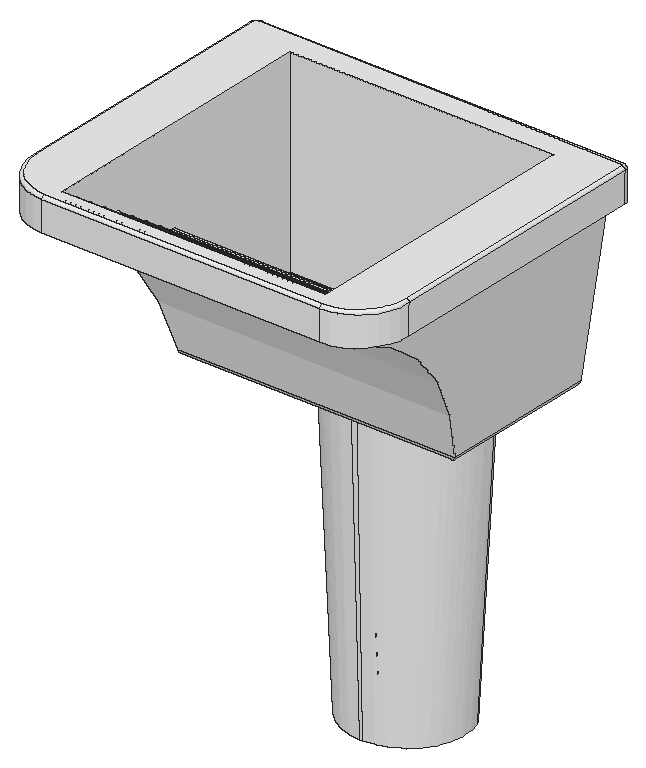
Revit family "Celite_Tanque Builders_51264", category Plumbing Fixtures, Revit 2014
Parameters (values of type "Branco - 51264")
  Ângulo [instance] = if(Saida de esgoto na parede, 90.00°, 0.00°)  # 90.00°
  WFU = 2
  Type Comments = ""
  Saida de esgoto na parede [instance] = yes
  Raio Ponto de Esgoto = 20 mm
  Place on face [instance] = 1 = 0  # no
  Outros Complementos [instance] = "Sifão para tanque 1.1⁄4”x 1.1⁄2” e tubo de 200 mm (B5005C5CRB) + Válvula de escoamento para lavatório, 1\" sem ladrão com tampa plástica (B5828C5CR3), linha Complementos - Metais Celite"
  Louças [instance] = Celite - Louça_Branca
  Desnível Aux. Ponto de Esgoto [instance] = 50.000 mm
  HWFU = 0
  Diâmetro Ponto de Esgoto = Raio Ponto de Esgoto * 2  # 40 mm
  Distância Parede [instance] = 0.000 mm
  Tipo de Sifão [instance] = Celite_Complementos_Sifão de Uso Geral : Sifão para lavatório - B5816C5CRB
  Complemento Celite [instance] = yes
  URL = "http://www.celite.com.br"
  Selo de Qualidade ofcdesk = "Standard"  # constant formula
  Model = Celite: Código  # "51264"
  Metais [instance] = Celite - Cromado
  Manufacturer = Celite: Fabricante  # "Celite"
  Elevação somente no plano [instance] = 505.000 mm
  Description = Celite: Descrição  # "Tanque G Builders cor branca (51264), com coluna, linha Tanques - Louças Celite"
  Default Elevation = 0.000 mm
  Desenvolvido por = "ofcdesk"  # constant formula
  Com Válvula (quantificável) [instance] = yes
  Com Sifão (quantificável) [instance] = Saida de esgoto na parede  # yes
  Celite: Versão = "Autodesk Revit MEP 2014"  # constant formula
  Celite: Vazão de Esgoto [instance] = 0.0 L/s
  Celite: Tipo = "Tanques"  # constant formula
  Celite: Produto = "Louças"  # constant formula
  Celite: Norma = "ABNT NBR 15097-1: 2011 - Requisitos e métodos de ensaio"
  Celite: Link do Produto = "http://www.celite.com.br/pt/produtos/categoria/1/tipo/2/"
  Celite: Linha = "Tanques"  # constant formula
  Celite: Informações Técnicas [instance] = "N/A"
  Celite: Informações Gerais [instance] = "N/A"
  Celite: Fabricante = "Celite"  # constant formula
  Celite: Desenho Técnico = "http://www.celite.com.br/media/uploads/desenhos_tecnicos/51262_-_TANQUE_GG_47_L_-_CATALOGO.pdf"
  Celite: Descrição = "Tanque G Builders cor branca (51264), com coluna, linha Tanques - Louças Celite"
  Celite: Código = "51264"
  Celite: Cores Disponíveis = "Branco"
  Celite: Copyright © = "© 2014 Celite"  # constant formula
  Celite: Complementos [instance] = if(Complemento Celite, Outros Complementos, "N/A")  # "Sifão para tanque 1.1⁄4”x 1.1⁄2” e tubo de 200 mm (B5005C5CRB) + Válvula de escoamento para lavatório, 1\" sem ladrão com tampa plástica (B5828C5CR3), linha Complementos - Metais Celite"
  Celite: Categoria = "Tanques"  # constant formula
  Celite: Altura da Peça [instance] = Elevação somente no plano  # 505.000 mm
  Celite: Altura Ponto de Esgoto [instance] = Altura Ponto de Esgoto  # 450.000 mm
  CWFU = 0
  Assembly Code = "D2010400"
  Desnível Ponto de Esgoto [instance] = if(not(Place on face), Elevação somente no plano - Altura Ponto de Esgoto, Desnível Aux. Ponto de Esgoto)  # 55.000 mm
  Altura Ponto de Esgoto [instance] = 450.000 mm
  Ajuste do Conector [instance] = if(Ângulo = 0.00°, Celite: Altura Ponto de Esgoto, Distância Parede + Distância Parede + 90.000 mm)  # 90.000 mm
Types (3, lengths in mm): name | Louças | Description | Celite: Descrição | Celite: Cores Disponíveis
  (no name) | Celite - Louça_Branca | "Tanque G Builders cor branca (51264), com coluna, linha Tanques - Louças Celite" | "Tanque G Builders cor branca (51264), com coluna, linha Tanques - Louças Celite" | "Branco"
  Branco - 51264 | Celite - Louça_Branca | "Tanque G Builders cor branca (51264), com coluna, linha Tanques - Louças Celite" | "Tanque G Builders cor branca (51264), com coluna, linha Tanques - Louças Celite" | "Branco"
  Pergamon - 51264 | Celite - Louça_Pergamon | "Tanque G Builders cor pergamon (51264), com coluna, linha Tanques - Louças Celite" | "Tanque G Builders cor pergamon (51264), com coluna, linha Tanques - Louças Celite" | "Pergamon"
Reference planes
  plane 1 "Center (Front/Back)": y = 0
  plane 2: z = 0
  plane 3 "Center (Left/Right)": x = 0
  plane 4: z = 505
  plane 5: y = 0
  plane 6: z = 440
  plane 7: y = -104
  plane 8: y = 0
  plane 9: z = 462.424
  plane 10: z = 454.131
  plane 11: z = 524.631
  plane 12: y = -489
  plane 13: y = -30
Forms (mm)
  Sweep 1, void
    path in 3D
      loop
        line (0, -104, 440) -> (0, -14, 440)
    profile origin (0, -59, 440) x (0, 0, 1) y (1, 0, 0)
      loop
        circle (0, 0) r 20
Lines and regions (mm)
  model lines, not visible
    curve 1: line (0, -104, 440) -> (0, -14, 440)
  sketch lines
    curve 2: line (0, -104, 440) -> (0, -14, 440)
Dimensions and locks
  "Elevação somente no plano": plane 4 to plane 2
  "Distância Parede": plane 1 "Center (Front/Back)" to plane 5
  plane 4 to plane 6 = 65.000 mm
  plane 11 to plane 4 to plane 9 to plane 10 = 19.631 mm locked, 42.576 mm locked, 8.293 mm locked
  "Ajuste do Conector": curve 1 to curve 1
  plane 8 to plane 13 to plane 7 to plane 12 = 30.000 mm locked, 74.000 mm locked, 385.000 mm locked
  "Distância Parede": plane 5 to plane 8
  "Ângulo": angle curve 1 to plane 7
  aligned and locked: level to plane 2
  aligned and locked: nested 2 to plane 7
  aligned and locked: plane 1 "Center (Front/Back)" to nested 2
  aligned and locked: plane 6 to nested 2
  aligned and locked: plane 9 to nested 2
  aligned and locked: plane 6 to curve 1
  aligned and locked: plane 7 to curve 1
  aligned and locked: plane 7 to nested 1
  aligned and locked: plane 4 to nested 4
  aligned and locked: nested 4 to plane 13
  aligned and locked: nested 3 to plane 8
Automatic sketch dimensions
  profile plane to Sweep 1 sketch curve = 0.000 mm
  Sweep 1 sketch curve to profile plane = 0.000 mm
  radius of Sweep 1 sketch curve = 20.000 mm
Nested families
  nested 1: "Celite_Complementos_Válvula de Escoamento" at (0, -104, 524.631), Metais <- "Metais", visible <- "Com Válvula (quantificável)", type "Válvula de escoamento para lavatório - B5828C5CR3"
    with Raio2 30.000 mm, Raio1 16.000 mm, Raio furo 15.000 mm, Metais Celite - Cromado, L/Rosca 58.419 mm, Comprimento 70.500 mm, Celite: Norma "ABNT NBR 15423:2006 - Requisitos e métodos de ensaio"
  nested 2: "Celite_Complementos_Sifão de Uso Geral" at (0, 0, 440), visible <- "Com Sifão (quantificável)", Metais <- "Metais", Celite: Vazão de Projeto <- "Celite: Vazão de Esgoto", type "Sifão para tanque - B5005C5CRB"
    with Raio1 16.000 mm, Metais Celite - Cromado, Elevação 0.000 mm, Celite: Vazão de Projeto 0.0 L/s, Celite: Informações Técnicas "N/A", Celite: Informações Gerais "N/A", Celite: Altura da Peça 0.000 mm, Ajuste Vetical no Lavatório 22.424 mm, Afastamento da Parede 104.000 mm
  nested 3: "51264" at (0, 0, 505) x (0, -1, 0) z (0, 0, 1), Louça <- "Louças", type "51264"
    with Louça Celite - Louça_Branca
  nested 4: "Celite_Coluna para Tanque_51203" at (0, -30, 0), Louças <- "Louças", type "Branco - 51203"
    with Louças Celite - Louça_Branca, Celite: Informações Técnicas "N/A", Celite: Informações Gerais "N/A", Celite: Complementos "N/A", Altura 505.000 mm
Connectors
  piping at (0, -14, 440), diameter 40, driven by "Raio Ponto de Esgoto", driven by "Celite: Vazão de Esgoto", driven by "WFU"
    settings: on Sweep 1, index 1, connector inside diameter 609.6 mm, connector length 0.000 mm, flow factor 0, pipe flow 0.0 L/s, pressure drop 0.0 kPa, fitting loss kfactor 0, connector angle 0.00°, fixture units 2, engagement length 0.000 mm, angle of deflection 0.00°, flow configuration 3, flow direction 2, fitting loss method 0, system type 16, joint type 0, gender type 0, connector reference index -1, connector utility 0, adjustable connector no, is connector primary yes, connector description ""
Definition of nested family "Celite_Complementos_Válvula de Escoamento"
  Parameters (values of type "Válvula de escoamento para lavatório - B5828C5CR3")
    Waste Connection = 1 = 0  # no
    WFU = 0  # constant formula
    Vent Connection = 1 = 0  # no
    URL = "http://www.celite.com.br"
    Selo de Qualidade ofcdesk = "Standard"  # constant formula
    Raio1 [instance] = 16.000 mm
    Raio2 [instance] = 30.000 mm
    Raio furo [instance] = 15.000 mm
    Model = Celite: Código  # "B5828C5CR3"
    Metais [instance] = Celite - Cromado
    Manufacturer = Celite: Fabricante  # "Celite"
    L/Rosca [instance] = 59.500 mm
    HWFU = 0  # constant formula
    HW Connection = 1 = 0  # no
    Desenvolvido por = "ofcdesk"  # constant formula
    Description = Celite: Descrição  # "Válvula de escoamento para lavatório, 1\" sem ladrão com tampa plástica (B5828C5CR3), Complementos - Metais Celite"
    Default Elevation = 0.000 mm
    Comprimento [instance] = 70.500 mm
    Celite: Versão = "Autodesk Revit MEP 2014"  # constant formula
    Celite: Tipo = "Válvulas de escoamento"  # constant formula
    Celite: Produto = "Metais"  # constant formula
    Celite: Norma [instance] = "ABNT NBR 15423:2006 - Requisitos e métodos de ensaio"
    Celite: Link do Produto = "http://www.celite.com.br/pt/produtos/categoria/2/tipo/10/subtipo/19/"
    Celite: Linha = "Válvulas"  # constant formula
    Celite: Informações Técnicas = "N/A"
    Celite: Informações Gerais = "N/A"
    Celite: Fabricante = "Celite"  # constant formula
    Celite: Desenho Técnico = "http://www.celite.com.br/media/uploads/desenhos_tecnicos/A5828C5CR3_Valvula_de_escoamento_Lavatorio.pdf"
    Celite: Descrição = "Válvula de escoamento para lavatório, 1\" sem ladrão com tampa plástica (B5828C5CR3), Complementos - Metais Celite"
    Celite: Código = "B5828C5CR3"
    Celite: Cores Disponíveis = "Cromado"
    Celite: Copyright © = "© 2014 Celite"  # constant formula
    Celite: Categoria = "Complementos"  # constant formula
    CW Connection = 1 = 0  # no
    Assembly Code = "D2010"
  Types (5, lengths in mm): name | Raio1 | Raio2 | Raio furo | Model | L/Rosca | Description | Comprimento | Celite: Desenho Técnico | Celite: Descrição | Celite: Código
    (no name) | 16.000 | 30.000 | 15.000 | "B5828C5CR3" | 59.500 | "Válvula de escoamento para lavatório, 1\" sem ladrão com tampa plástica (B5828C5CR3), Complementos - Metais Celite" | 70.500 | "http://www.celite.com.br/media/uploads/desenhos_tecnicos/A5828C5CR3_Valvula_de_escoamento_Lavatorio.pdf" | "Válvula de escoamento para lavatório, 1\" sem ladrão com tampa plástica (B5828C5CR3), Complementos - Metais Celite" | "B5828C5CR3"
    Válvula de escoamento para lavatório - B5828C5CR3 | 16.000 | 30.000 | 15.000 | "B5828C5CR3" | 59.500 | "Válvula de escoamento para lavatório, 1\" sem ladrão com tampa plástica (B5828C5CR3), Complementos - Metais Celite" | 70.500 | "http://www.celite.com.br/media/uploads/desenhos_tecnicos/A5828C5CR3_Valvula_de_escoamento_Lavatorio.pdf" | "Válvula de escoamento para lavatório, 1\" sem ladrão com tampa plástica (B5828C5CR3), Complementos - Metais Celite" | "B5828C5CR3"
    Válvula de escoamento para tanque - B5829C5CR3 | 20.000 | 32.800 | 18.000 | "B5829C5CR3" | 57.000 | "Válvula de escoamento para tanque (B5829C5CR3), Complementos - Metais Celite" | 65.500 | "http://www.celite.com.br/media/uploads/desenhos_tecnicos/A5829C5CR3_Valvula_de_escoamento_Tanque.pdf" | "Válvula de escoamento para tanque (B5829C5CR3), Complementos - Metais Celite" | "B5829C5CR3"
    Válvula de escoamento para cozinha - B5830C5CRB | 25.000 | 44.000 | 25.000 | "B5830C5CRB" | 35.000 | "Válvula de escoamento para cozinha, 3.1/2\" x 1.1/2\" com cesta metal (B5830C5CRB), Complementos - Metais Celite" | 45.000 | "http://www.celite.com.br/media/uploads/desenhos_tecnicos/A5830C5CRB_Valvula_de_escoamento_Cozinha_3-1.2.pdf" | "Válvula de escoamento para cozinha, 3.1/2\" x 1.1/2\" com cesta metal (B5830C5CRB), Complementos - Metais Celite" | "B5830C5CRB"
    Válvula de escoamento para cozinha - B5831C5CRB | 25.000 | 56.500 | 30.000 | "B5831C5CRB" | 35.000 | "Válvula de escoamento para cozinha, 4.1/2\" x 1.1/2\" com cesta metal (B5831C5CRB), Complementos - Metais Celite" | 49.000 | "http://www.celite.com.br/media/uploads/desenhos_tecnicos/A5831C5CRB_Valvula_de_escoamento_Cozinha_4-1.2.pdf" | "Válvula de escoamento para cozinha, 4.1/2\" x 1.1/2\" com cesta metal (B5831C5CRB), Complementos - Metais Celite" | "B5831C5CRB"
  Reference planes
    plane 1 "Center (Front/Back)": y = 0
    plane 2: z = 0
    plane 3 "Center (Left/Right)": x = 0
    plane 4: z = -70.5
    plane 5: z = -11
  Forms (mm)
    Extrusion 1, solid
      sketch origin (0, 0, 0) x (1, 0, 0) y (0, 1, 0)
        loop
          line (-400, 400) -> (-400, -400.224) -> (399.59, -400.224) -> (399.59, 400) -> (-400, 400)
      from 0 to -304.8
    Revolve 2, solid, material "Celite - Cromado" <- "Metais"
      sketch origin (0, 0, 0) x (1, 0, 0) y (0, 0, 1)
        loop
          line (0, -8.185) -> (-15, -8.185) -> (-15, 1) -> (-30, 1) -> (-30, 0) -> (-16, -11) -> (-16, -70.5) -> (0, -70.5) -> (0, -8.185)
        axis (0, 1) -> (0, -70.5)
      angle from 0 to 360
  Dimensions and locks
    "Comprimento": level to plane 4
    "L/Rosca": plane 5 to plane 4
    "Raio1": plane 3 "Center (Left/Right)" to Revolve 2 sketch curve
    "Raio2": plane 3 "Center (Left/Right)" to Revolve 2 sketch curve
    locked: plane 2 to Revolve 2 sketch curve at 8.185
    "Raio furo": plane 3 "Center (Left/Right)" to Revolve 2 sketch curve
    aligned and locked: plane 2 to Extrusion 1
    aligned and locked: level to Extrusion 1
    aligned and locked: Revolve 2 sketch curve to plane 3 "Center (Left/Right)"  (x2)
    aligned and locked: plane 5 to Revolve 2 sketch curve
    aligned and locked: plane 4 to Revolve 2 sketch curve
    aligned and locked: level to Revolve 2 sketch curve
  Automatic sketch dimensions
    Extrusion 1 sketch curve to Extrusion 1 sketch curve = 799.590 mm
    Extrusion 1 sketch curve to Extrusion 1 sketch curve = 800.224 mm
    Revolve 2 sketch curve to Revolve 2 sketch curve = 1.000 mm
    level to Revolve 2 sketch curve = 25.000 mm
    Revolve 2 sketch curve to Revolve 2 sketch curve = 60.000 mm
Definition of nested family "Celite_Complementos_Sifão de Uso Geral"
  Parameters (values of type "Sifão para cozinha - B5817C5CRB")
    WFU = 2
    URL = "http://www.celite.com.br"
    Selo de Qualidade ofcdesk = "Standard"  # constant formula
    Raio1 [instance] = 16.000 mm
    Raio Ponto de Esgoto = 20 mm
    Model = Celite: Código  # "B5817C5CRB"
    Metais [instance] = Celite - Cromado
    Manufacturer = Celite: Fabricante  # "Celite"
    Elevação [instance] = 680.000 mm
    Diâmetro Ponto de Esgoto = Raio Ponto de Esgoto * 2  # 40 mm
    Desenvolvido por = "ofcdesk"  # constant formula
    Description = Celite: Descrição  # "Sifão para cozinha 1.1⁄2”x 1.1⁄2” com tubo de 300 mm (B5817C5CRB), linha Complementos - Metais Celite"
    Default Elevation = 0.000 mm
    Celite: Versão = "Autodesk Revit MEP 2014"  # constant formula
    Celite: Vazão de Projeto [instance] = 0.0 L/s
    Celite: Tipo = "Sifões"  # constant formula
    Celite: Produto = "Metais"  # constant formula
    Celite: Norma = "ABNT NBR 14162:2011 - Requisitos e métodos de ensaio"
    Celite: Link do Produto = "http://www.celite.com.br/pt/produtos/categoria/2/tipo/10/subtipo/9/"
    Celite: Linha = "Complementos"  # constant formula
    Celite: Informações Técnicas [instance] = "N/A"
    Celite: Informações Gerais [instance] = "N/A"
    Celite: Fabricante = "Celite"  # constant formula
    Celite: Desenho Técnico = "http://www.celite.com.br/media/uploads/desenhos_tecnicos/A5817C5CRB.gif"
    Celite: Descrição = "Sifão para cozinha 1.1⁄2”x 1.1⁄2” com tubo de 300 mm (B5817C5CRB), linha Complementos - Metais Celite"
    Celite: Código = "B5817C5CRB"
    Celite: Cores Disponíveis = "Cromado"
    Celite: Copyright © = "© 2014 Celite"  # constant formula
    Celite: Categoria = "Cozinhas e Lavatórios"  # constant formula
    Celite: Altura da Peça [instance] = Elevação  # 680.000 mm
    Assembly Code = "D2010"
    Ajuste Vetical no Lavatório [instance] = 100.000 mm
    Afastamento da Parede [instance] = 300.000 mm
  Types (6, lengths in mm): name | Raio Ponto de Esgoto | Model | Diâmetro Ponto de Esgoto | Description | Celite: Desenho Técnico | Celite: Descrição | Celite: Código
    (no name) | 20 | "B5817C5CRB" | 40 | "Sifão para cozinha 1.1⁄2”x 1.1⁄2” com tubo de 300 mm (B5817C5CRB), linha Complementos - Metais Celite" | "http://www.celite.com.br/media/uploads/desenhos_tecnicos/A5817C5CRB.gif" | "Sifão para cozinha 1.1⁄2”x 1.1⁄2” com tubo de 300 mm (B5817C5CRB), linha Complementos - Metais Celite" | "B5817C5CRB"
    Sifão para lavatório - B5816C5CRB | 20 | "B5816C5CRB" | 40 | "Sifão para lavatório 1\"x1.1⁄2\" com tubo de 300 mm (B5816C5CRB), linha Complementos - Metais Celite" | "http://www.celite.com.br/media/uploads/desenhos_tecnicos/A5816C5CRB.gif" | "Sifão para lavatório 1\"x1.1⁄2\" com tubo de 300 mm (B5816C5CRB), linha Complementos - Metais Celite" | "B5816C5CRB"
    Sifão para tanque com adaptador para 2" - B5005C5CRB | 30 | "B5005C5CRB" | 60 | "Sifão para tanque 1.1⁄4”x 1.1⁄2” com adaptador para 2” e tubo de 200 mm (B5005C5CRB), linha Complementos - Metais Celite" | "http://www.celite.com.br/media/uploads/desenhos_tecnicos/A5005C5CRB.gif" | "Sifão para tanque 1.1⁄4”x 1.1⁄2” com adaptador para 2” e tubo de 200 mm (B5005C5CRB), linha Complementos - Metais Celite" | "B5005C5CRB"
    Sifão para tanque - B5005C5CRB | 20 | "B5005C5CRB" | 40 | "Sifão para tanque 1.1⁄4”x 1.1⁄2” e tubo de 200 mm (B5005C5CRB), linha Complementos - Metais Celite" | "http://www.celite.com.br/media/uploads/desenhos_tecnicos/A5005C5CRB.gif" | "Sifão para tanque 1.1⁄4”x 1.1⁄2” e tubo de 200 mm (B5005C5CRB), linha Complementos - Metais Celite" | "B5005C5CRB"
    Sifão para cozinha com adaptador para 2" - B5817C5CRB | 30 | "B5817C5CRB" | 60 | "Sifão para cozinha 1.1⁄2”x 1.1⁄2” com adaptador para 2” e tubo de 300 mm (B5817C5CRB), linha Complementos - Metais Celite" | "http://www.celite.com.br/media/uploads/desenhos_tecnicos/A5817C5CRB.gif" | "Sifão para cozinha 1.1⁄2”x 1.1⁄2” com adaptador para 2” e tubo de 300 mm (B5817C5CRB), linha Complementos - Metais Celite" | "B5817C5CRB"
    Sifão para cozinha - B5817C5CRB | 20 | "B5817C5CRB" | 40 | "Sifão para cozinha 1.1⁄2”x 1.1⁄2” com tubo de 300 mm (B5817C5CRB), linha Complementos - Metais Celite" | "http://www.celite.com.br/media/uploads/desenhos_tecnicos/A5817C5CRB.gif" | "Sifão para cozinha 1.1⁄2”x 1.1⁄2” com tubo de 300 mm (B5817C5CRB), linha Complementos - Metais Celite" | "B5817C5CRB"
  Reference planes
    plane 1 "Center (Front/Back)": y = 0
    plane 2: z = 0
    plane 3 "Center (Left/Right)": x = 0
    plane 4: y = -300
    plane 5: z = 780
    plane 6: z = 680
  Forms (mm)
    Sweep 1, solid, material "Celite - Cromado" <- "Metais"
      path origin (0, 1442.421, 680) x (0, 1, 0) y (-1, 0, 0)
        loop
          line (-1442.421, 0) -> (-1697.421, 0)
      profile origin (0, -127.5, 680) x (1, 0, 0) y (0, 0, 1)
        loop
          circle (0, 0) r 19.05
        loop
          circle (0, 0) r 16
    Revolve 2, solid, material "Celite - Cromado" <- "Metais"
      sketch origin (0, 0, 0) x (0, 1, 0) y (0, 0, 1)
        loop
          line (-255, 680) -> (-255, 701.589)
          arc (-255, 701.589) -> (-256.067, 704.702) -> (-258.821, 706.505) r 5.073
          arc (-258.821, 706.505) -> (-261.574, 706.108) -> (-263.24, 703.88) r 3.635
          line (-263.24, 703.88) -> (-265.857, 703.88) -> (-265.857, 680) -> (-255, 680)
        axis (-265.857, 680) -> (-255, 680)
      angle from 0 to 360
    SweptBlend 3, solid, material "Celite - Cromado" <- "Metais"
      path origin (0, 0, 0) x (0, 1, 0) y (0, 0, 1)
        loop
          line (-265.857, 680) -> (-300, 680)
      profile origin (0, -265.857, 680) x (0, 0, -1) y (1, 0, 0)
        loop
          circle (0, 0) r 22.486
      end profile origin (0, -300, 680) x (0, 0, -1) y (1, 0, 0)
        loop
          circle (0, 0) r 21.589
    Revolve 4, solid, material "Celite - Cromado" <- "Metais"
      sketch origin (0, 0, 0) x (0, 1, 0) y (0, 0, 1)
        loop
          line (-300, 704.157) -> (-274.606, 704.157) -> (-274.606, 707.127)
          arc (-274.606, 707.127) -> (-274.901, 707.84) -> (-275.614, 708.135) r 1.008
          line (-275.614, 708.135) -> (-282.5, 708.135) -> (-283.521, 709.156) -> (-300, 709.156) -> (-300, 704.157)
        axis (-300, 709.156) -> (-300, 704.157)
      angle from 0 to 360
    Sweep 5, solid, material "Celite - Cromado" <- "Metais"
      path origin (0, 0, 0) x (0, 1, 0) y (0, 0, 1)
        loop
          line (-300, 709.156) -> (-300, 715.122)
      profile origin (0, -300, 712.139) x (0, -1, 0) y (1, 0, 0)
        loop
          circle (0, 0) r 16.479
    Sweep 6, solid, material "Celite - Cromado" <- "Metais"
      path origin (0, 0, 0) x (0, 1, 0) y (0, 0, 1)
        loop
          line (-300, 715.122) -> (-300, 769.613)
      profile origin (0, -300, 742.368) x (0, -1, 0) y (1, 0, 0)
        loop
          circle (0, 0) r 13
    Revolve 7, solid, material "Celite - Cromado" <- "Metais"
      sketch origin (0, 0, 0) x (0, 1, 0) y (0, 0, 1)
        loop
          line (0, 699.07) -> (0, 714.571)
          arc (0, 714.571) -> (-7.459, 714.035) -> (-14.888, 713.172) r 170.27
          arc (-14.888, 713.172) -> (-16.254, 712.452) -> (-16.959, 711.077) r 2.565
          line (-16.959, 711.077) -> (-16.959, 699.07) -> (0, 699.07)
        axis (-16.959, 680) -> (0, 680)
      angle from 0 to 360
    Sweep 8, void
      path origin (0, 1442.421, 680) x (0, 1, 0) y (-1, 0, 0)
        loop
          line (-1440.976, 0) -> (-1456.552, 0)
      profile origin (0, -6.343, 680) x (1, 0, 0) y (0, 0, 1)
        loop
          circle (0, 0) r 30
    Revolve 9, solid, material "Celite - Cromado" <- "Metais"
      sketch origin (0, 0, 0) x (0, 1, 0) y (0, 0, 1)
        loop
          line (-300, 771.707) -> (-300, 769.613) -> (-281.111, 769.613) -> (-281.111, 780) -> (-284, 780) -> (-284, 771.707) -> (-300, 771.707)
        axis (-300, 780) -> (-300, 769.613)
      angle from 0 to 360
    Revolve 10, solid, material "Celite - Cromado" <- "Metais"
      sketch origin (0, 0, 0) x (0, 1, 0) y (0, 0, 1)
        loop
          line (-300, 704.157) -> (-325.394, 704.157) -> (-334.85, 649.952)
          arc (-334.85, 649.952) -> (-333.712, 646.324) -> (-330.244, 644.765) r 4.638
          line (-330.244, 644.765) -> (-328.223, 644.765) -> (-328.223, 621.563)
          arc (-328.223, 621.563) -> (-326.054, 616.326) -> (-320.818, 614.157) r 7.405
          line (-320.818, 614.157) -> (-300, 614.157) -> (-300, 704.157)
        axis (-300, 704.157) -> (-300, 614.157)
      angle from 0 to 360
  Cuts and joins
    Sweep 8 cuts Sweep 1
    joined: Sweep 1, Revolve 2, SweptBlend 3, Revolve 4, Sweep 5, Sweep 6, Revolve 9, Revolve 10
    Sweep 8 cuts Revolve 7
  Dimensions and locks
    "Ajuste Vetical no Lavatório": plane 5 to plane 6
    "Elevação": plane 6 to level
    locked: Sweep 1 sketch curve to plane 4 at 45
    Sweep 8 sketch curve to Sweep 8 sketch curve = 15.576 mm
    Revolve 7 sketch curve to Revolve 7 sketch curve to Revolve 7 sketch curve = 14.888 mm locked, 2.071 mm locked
    locked: Revolve 9 sketch curve to Revolve 9 sketch curve at 2.889
    "Raio1": Revolve 9 sketch curve to plane 4
    plane 5 to Revolve 9 sketch curve to Revolve 9 sketch curve = 8.293 mm locked, 2.093 mm locked
    Revolve 7 sketch curve to Revolve 7 sketch curve to Revolve 7 sketch curve to Revolve 7 sketch curve to plane 6 = 1.399 mm locked, 2.095 mm locked, 12.007 mm locked, 19.070 mm locked
    "Afastamento da Parede": plane 1 "Center (Front/Back)" to plane 4
    radius of Sweep 1 sketch curve = 16.000 mm
    radius of Revolve 7 sketch curve = 2.565 mm
    aligned and locked: level to plane 2
    aligned and locked: plane 6 to Revolve 2 sketch curve
    aligned and locked: Revolve 2 sketch curve to plane 6
    aligned and locked: SweptBlend 3 sketch curve to plane 6
    aligned and locked: Revolve 4 sketch curve to plane 4
    aligned and locked: Sweep 5 sketch curve to plane 4
    aligned and locked: Revolve 4 to Sweep 5 sketch curve
    aligned and locked: Sweep 5 sketch curve to Revolve 4  (x2)
    aligned and locked: Sweep 5 to Sweep 6 sketch curve
    aligned and locked: Sweep 6 sketch curve to plane 4
    aligned and locked: Revolve 9 sketch curve to plane 4
    aligned and locked: plane 4 to Revolve 9 sketch curve
    aligned and locked: plane 4 to Revolve 10 sketch curve
    aligned and locked: Revolve 10 sketch curve to plane 4
    aligned and locked: plane 4 to SweptBlend 3 sketch curve
    aligned and locked: cut or joined group of Sweep 1, Revolve 2, SweptBlend 3, Revolve 4, Sweep 5, Sweep 6, Sweep 8, Revolve 9, Revolve 10 to SweptBlend 3 sketch curve
    aligned and locked: plane 6 to Sweep 8 sketch curve
    aligned and locked: plane 3 "Center (Left/Right)" to Sweep 8 sketch curve
  Automatic sketch dimensions
    Sweep 1 sketch curve to plane 3 "Center (Left/Right)" = 0.000 mm
    Revolve 4 sketch curve to plane 4 = 0.000 mm
    plane 4 to Revolve 4 sketch curve = 16.479 mm
    Revolve 4 sketch curve to Revolve 4 sketch curve = 1.021 mm  (x2)
    Revolve 4 sketch curve to Revolve 4 sketch curve = 6.886 mm
    Revolve 4 sketch curve to Revolve 4 sketch curve = 1.008 mm
    plane 6 to Revolve 4 sketch curve = 22.296 mm
    Revolve 4 sketch curve to Revolve 4 sketch curve = 1.862 mm
    Revolve 4 sketch curve to Revolve 4 sketch curve = 0.000 mm
    Revolve 4 sketch curve to Revolve 4 sketch curve = 2.970 mm
    Sweep 6 sketch curve to plane 3 "Center (Left/Right)" = 0.000 mm
    Sweep 6 sketch curve to profile plane = 0.000 mm
    SweptBlend 3 sketch curve to plane 3 "Center (Left/Right)" = 0.000 mm  (x2)
    SweptBlend 3 sketch curve to profile plane = 0.000 mm  (x2)
    Sweep 1 sketch curve to Sweep 1 sketch curve = 0.000 mm  (x2)
    Sweep 1 sketch curve to plane 6 = 0.000 mm
    profile plane to Sweep 1 sketch curve = 0.000 mm
    Sweep 6 sketch curve to plane 5 = 10.387 mm
    Revolve 7 sketch curve to plane 1 "Center (Front/Back)" = 0.000 mm  (x2)
    Revolve 7 sketch curve to plane 6 = 0.000 mm
    Revolve 7 sketch curve to plane 1 "Center (Front/Back)" = 5.000 mm
    Sweep 5 sketch curve to Sweep 5 sketch curve = 5.967 mm
    Revolve 10 sketch curve to Revolve 10 sketch curve = 20.818 mm
    Revolve 10 sketch curve to Revolve 10 sketch curve = 25.394 mm
    Revolve 10 sketch curve to Revolve 10 sketch curve = 7.405 mm
    Revolve 10 sketch curve to Revolve 10 sketch curve = 2.021 mm
    Revolve 10 sketch curve to Revolve 10 sketch curve = 4.606 mm
    Revolve 10 sketch curve to plane 6 = 95.843 mm
    Revolve 10 sketch curve to Revolve 10 sketch curve = 20.000 mm
    Revolve 10 sketch curve to Revolve 10 sketch curve = 10.000 mm
    Revolve 10 sketch curve to Revolve 10 sketch curve = 23.202 mm
    Revolve 10 sketch curve to Revolve 10 sketch curve = 4.638 mm
    plane 6 to Revolve 10 sketch curve = 24.157 mm
    SweptBlend 3 sketch curve to SweptBlend 3 sketch curve = 0.000 mm  (x2)
    SweptBlend 3 sketch curve to SweptBlend 3 sketch curve = 22.486 mm
    plane 4 to Revolve 2 sketch curve = 34.143 mm
    Revolve 2 sketch curve to Revolve 2 sketch curve = 2.616 mm
    Revolve 2 sketch curve to Revolve 2 sketch curve = 3.167 mm
    Revolve 2 sketch curve to Revolve 2 sketch curve = 0.355 mm
    Revolve 2 sketch curve to Revolve 2 sketch curve = 0.897 mm
    Revolve 2 sketch curve to Revolve 2 sketch curve = 0.000 mm  (x2)
    Revolve 2 sketch curve to Revolve 2 sketch curve = 4.718 mm
    Revolve 2 sketch curve to Revolve 2 sketch curve = 5.000 mm
    plane 6 to Revolve 2 sketch curve = 21.589 mm
    Sweep 8 sketch curve to plane 3 "Center (Left/Right)" = 0.000 mm
    Revolve 7 sketch curve to plane 1 "Center (Front/Back)" = 8.470 mm
    plane 1 "Center (Front/Back)" to Sweep 1 sketch curve = 0.000 mm
    Revolve 9 sketch curve to plane 5 = 0.000 mm
    Revolve 9 sketch curve to plane 5 = 3.821 mm
    plane 5 to Revolve 9 sketch curve = 8.366 mm
    radius of Sweep 6 sketch curve = 13.000 mm
    radius of SweptBlend 3 sketch curve = 21.589 mm
    radius of Sweep 1 sketch curve = 19.050 mm
    radius of Sweep 8 sketch curve = 30.000 mm
  Connectors
    piping at (0, 0, 680), diameter 40, driven by "WFU", driven by "Raio Ponto de Esgoto", driven by "Celite: Vazão de Projeto"
      settings: on Sweep 1, index 1, connector inside diameter 40 mm, connector length 0.000 mm, flow factor 0, pipe flow 0.0 L/s, pressure drop 0.0 kPa, fitting loss kfactor 0, connector angle 0.00°, fixture units 2, engagement length 0.000 mm, angle of deflection 0.00°, flow configuration 3, flow direction 2, fitting loss method 0, system type 16, joint type 0, gender type 0, connector reference index -1, connector utility 0, adjustable connector no, is connector primary yes, connector description ""
Definition of nested family "51264"
  Parameters (values of type "51264")
    URL = "http://www.celite.com.br/pt/"
    Model = "51264"
    Manufacturer = "Celite ®"  # constant formula
    Louça [instance] = Celite - Louça_Branca
    Description = "Tanque Celite Tamanho G com Capacidade 38L"
  Reference planes
    plane 1 "Center (Front/Back)": y = 0
    plane 2: z = 0
    plane 3 "Center (Left/Right)": x = 0
    plane 4 "A": x = 520
    plane 5 "C": z = 10
    plane 6 "D": z = 340
    plane 7 "B b": y = 295
    plane 8 "B f": y = -295
    plane 9: x = 104
  Forms (mm)
    Extrusion 1, solid, material "Celite - Louça_Branca" <- "Louça"
      sketch origin (0, 0, 0) x (1, 0, 0) y (0, 0, 1)
        loop
          line (0, 340) -> (0, 10)
          arc (0, 10) -> (2.929, 2.929) -> (10, 0) r 10
          line (10, 0) -> (40.963, 0)
          arc (40.963, 0) -> (46.731, 1.831) -> (50.386, 6.654) r 10
          line (50.386, 6.654) -> (127.697, 224.362)
          arc (127.697, 224.362) -> (144.182, 247.129) -> (170.345, 257.404) r 50
          line (170.345, 257.404) -> (520, 288.718) -> (520, 340) -> (0, 340)
      from -295 to 295
    Extrusion 2, solid, material "Celite - Louça_Branca" <- "Louça"
      sketch origin (0, 0, 0) x (1, 0, 0) y (0, 0, 1)
        loop
          arc (170.345, 257.404) -> (144.182, 247.129) -> (127.697, 224.362) r 50
          line (127.697, 224.362) -> (50.386, 6.654)
          arc (50.386, 6.654) -> (46.731, 1.831) -> (40.963, 0) r 10
          line (40.963, 0) -> (238.518, 0)
          arc (238.518, 0) -> (244.818, 2.234) -> (248.303, 7.938) r 10
          arc (248.303, 7.938) -> (332.603, 178.07) -> (488.655, 286.231) r 380.245
          line (488.655, 286.231) -> (170.345, 257.404)
      from -267.5 to 267.5
    Extrusion 3, void
      sketch origin (0, 0, 0) x (0, 1, 0) y (0, 0, 1)
        loop
          line (-406.136, 288.718) -> (-406.136, -80.839) -> (-186.136, -80.839) -> (-186.136, 0) -> (-207.745, 0)
          arc (-207.745, 0) -> (-214.243, 2.398) -> (-217.624, 8.443) r 10
          line (-217.624, 8.443) -> (-261.81, 288.718) -> (-406.136, 288.718)
        loop
          arc (217.624, 8.443) -> (214.243, 2.398) -> (207.745, 0) r 10
          line (207.745, 0) -> (186.136, 0) -> (186.136, -80.839) -> (413.864, -80.839) -> (413.864, 288.718) -> (261.81, 288.718) -> (217.624, 8.443)
      from -100 to 600
    Extrusion 4, void
      sketch origin (0, 0, 0) x (1, 0, 0) y (0, 0, 1)
        loop
          line (40.22, 29.631) -> (219.545, 29.631) -> (267.127, 188.9)
          arc (267.127, 188.9) -> (268.925, 191.507) -> (271.929, 192.509) r 5
          line (271.929, 192.509) -> (285.046, 192.509)
          arc (285.046, 192.509) -> (287.503, 193.155) -> (289.326, 194.924) r 5
          line (289.326, 194.924) -> (296.17, 206.255)
          arc (296.17, 206.255) -> (297.768, 207.891) -> (299.927, 208.643) r 5
          line (299.927, 208.643) -> (314.236, 210.147)
          arc (314.236, 210.147) -> (316.613, 211.046) -> (318.241, 212.996) r 5
          line (318.241, 212.996) -> (323.72, 224.677)
          arc (323.72, 224.677) -> (325.348, 226.627) -> (327.724, 227.526) r 5
          line (327.724, 227.526) -> (341.7, 228.994)
          arc (341.7, 228.994) -> (344.076, 229.893) -> (345.704, 231.843) r 5
          line (345.704, 231.843) -> (351.184, 243.524)
          arc (351.184, 243.524) -> (352.812, 245.475) -> (355.188, 246.373) r 5
          line (355.188, 246.373) -> (369.164, 247.842)
          arc (369.164, 247.842) -> (371.54, 248.741) -> (373.168, 250.691) r 5
          line (373.168, 250.691) -> (378.647, 262.372)
          arc (378.647, 262.372) -> (380.275, 264.322) -> (382.651, 265.221) r 5
          line (382.651, 265.221) -> (396.627, 266.69)
          arc (396.627, 266.69) -> (399.003, 267.588) -> (400.631, 269.539) r 5
          line (400.631, 269.539) -> (406.111, 281.219)
          arc (406.111, 281.219) -> (407.739, 283.17) -> (410.115, 284.068) r 5
          line (410.115, 284.068) -> (424.091, 285.537)
          arc (424.091, 285.537) -> (426.467, 286.436) -> (428.095, 288.386) r 5
          line (428.095, 288.386) -> (433.574, 300.067)
          arc (433.574, 300.067) -> (435.202, 302.017) -> (437.579, 302.916) r 5
          line (437.579, 302.916) -> (451.554, 304.385)
          arc (451.554, 304.385) -> (453.93, 305.283) -> (455.558, 307.234) r 5
          line (455.558, 307.234) -> (461.038, 318.914)
          arc (461.038, 318.914) -> (462.666, 320.865) -> (465.042, 321.763) r 5
          line (465.042, 321.763) -> (479.018, 323.232)
          arc (479.018, 323.232) -> (481.394, 324.131) -> (483.022, 326.081) r 5
          line (483.022, 326.081) -> (530.484, 427.254) -> (40.22, 427.254) -> (40.22, 29.631)
      from -207.5 to 207.5
    Sweep 5, void
      path origin (0, 0, 340) x (0, -1, 0) y (1, 0, 0)
        loop
          arc (-295, 10) -> (-292.071, 2.929) -> (-285, 0) r 10
          line (-285, 0) -> (285, 0)
          arc (285, 0) -> (292.071, 2.929) -> (295, 10) r 10
          line (295, 10) -> (295, 434.097)
          arc (295, 434.097) -> (272.85, 489.355) -> (218.665, 514.013) r 80
          arc (218.665, 514.013) -> (0, 519.024) -> (-218.665, 514.013) r 4773.385
          arc (-218.665, 514.013) -> (-272.85, 489.355) -> (-295, 434.097) r 80
          line (-295, 434.097) -> (-295, 10)
      profile origin (0, 0, 340) x (1, 0, 0) y (0, 0, 1)
        loop
          line (-114.837, 128.083) -> (-114.837, -431.917) -> (0, -431.917) -> (0, -5)
          arc (0, -5) -> (1.464, -1.464) -> (5, 0) r 5
          line (5, 0) -> (7, 0) -> (7, 128.083) -> (-114.837, 128.083)
    Extrusion 6, void
      sketch origin (-45, 0, 10) x (0, -1, 0) y (1, 0, 0)
        loop
          circle (0, 149) r 25
      from -10 to 100
  Cuts and joins
    Extrusion 3, Extrusion 4, Sweep 5, Extrusion 6 cuts Extrusion 1
    Extrusion 3, Extrusion 4, Extrusion 6 cuts Extrusion 2
    joined: Extrusion 1, Extrusion 2
  Dimensions and locks
    equal spacing: plane 8 "B f", plane 1 "Center (Front/Back)", plane 7 "B b"
    plane 8 "B f" to plane 7 "B b" = 590.000 mm
    plane 3 "Center (Left/Right)" to plane 4 "A" = 520.000 mm
    level to plane 6 "D" = 340.000 mm
    locked: plane 5 "C" to plane 6 "D" at 330
    plane 6 "D" to Extrusion 1 sketch curve to Extrusion 1 sketch curve = 51.282 mm locked, 31.314 mm locked
    locked: plane 6 "D" to Extrusion 1 sketch curve at 115.638
    Extrusion 1 sketch curve to Extrusion 1 sketch curve to plane 3 "Center (Left/Right)" = 42.648 mm locked, 127.697 mm locked
    Extrusion 1 sketch curve to plane 5 "C" to Extrusion 1 sketch curve = 0.000 mm, 3.346 mm
    locked: Extrusion 1 sketch curve to plane 3 "Center (Left/Right)" at 10
    Extrusion 1 sketch curve to plane 3 "Center (Left/Right)" = 40.963 mm
    Extrusion 1 sketch curve to plane 3 "Center (Left/Right)" = 50.386 mm
    Extrusion 2 sketch curve to Extrusion 2 sketch curve to Extrusion 2 sketch curve to plane 3 "Center (Left/Right)" = 42.648 mm locked, 77.311 mm, 50.386 mm
    locked: plane 4 "A" to Extrusion 2 sketch curve at 31.345
    plane 5 "C" to Extrusion 2 sketch curve = 3.346 mm
    plane 6 "D" to Extrusion 2 sketch curve to Extrusion 2 sketch curve = 82.596 mm locked, 33.043 mm locked
    locked: plane 6 "D" to Extrusion 2 sketch curve at 53.769
    locked: plane 8 "B f" to Extrusion 2 at 27.5
    locked: Extrusion 2 to plane 7 "B b" at 27.5
    locked: Extrusion 4 sketch curve to plane 5 "C" at 19.631
    locked: Extrusion 4 sketch curve to plane 6 "D" at 87.254
    locked: Extrusion 4 sketch curve to plane 3 "Center (Left/Right)" at 40.22
    plane 6 "D" to Extrusion 4 sketch curve to Extrusion 4 sketch curve to Extrusion 4 sketch curve to Extrusion 4 sketch curve to Extrusion 4 sketch curve to Extrusion 4 sketch curve to Extrusion 4 sketch curve to Extrusion 4 sketch curve to Extrusion 4 sketch curve to Extrusion 4 sketch curve to Extrusion 4 sketch curve to Extrusion 4 sketch curve to Extrusion 4 sketch curve to Extrusion 4 sketch curve to Extrusion 4 sketch curve to Extrusion 4 sketch curve = 13.919 mm, 4.318 mm, 14.530 mm, 4.318 mm, 14.530 mm, 4.318 mm, 14.530 mm, 4.318 mm, 14.530 mm, 4.318 mm, 14.530 mm, 4.318 mm, 14.530 mm, 4.353 mm, 13.719 mm, 2.415 mm
    Extrusion 4 sketch curve to plane 4 "A" to Extrusion 4 sketch curve to Extrusion 4 sketch curve to Extrusion 4 sketch curve to Extrusion 4 sketch curve to Extrusion 4 sketch curve to Extrusion 4 sketch curve to Extrusion 4 sketch curve to Extrusion 4 sketch curve to Extrusion 4 sketch curve to Extrusion 4 sketch curve to Extrusion 4 sketch curve to Extrusion 4 sketch curve to Extrusion 4 sketch curve to Extrusion 4 sketch curve to Extrusion 4 sketch curve to Extrusion 4 sketch curve = 10.484 mm, 36.978 mm, 17.980 mm, 9.484 mm, 17.980 mm, 9.484 mm, 17.980 mm, 9.484 mm, 17.980 mm, 9.484 mm, 17.980 mm, 9.484 mm, 17.980 mm, 9.484 mm, 18.313 mm, 10.601 mm, 17.397 mm
    locked: plane 8 "B f" to Extrusion 4 at 87.5
    locked: Extrusion 4 to plane 7 "B b" at 87.5
    locked: plane 4 "A" to Extrusion 4 sketch curve at 300.455
    radius of Extrusion 1 sketch curve = 50.000 mm
    radius of Extrusion 1 sketch curve = 10.000 mm
    radius of Extrusion 2 sketch curve = 50.000 mm
    aligned and locked: plane 2 to level
    aligned and locked: plane 8 "B f" to Extrusion 1
    aligned and locked: plane 7 "B b" to Extrusion 1
    aligned and locked: Extrusion 1 sketch curve to plane 4 "A"
    aligned and locked: Extrusion 1 sketch curve to plane 6 "D"
    aligned and locked: Extrusion 1 sketch curve to plane 3 "Center (Left/Right)"
    aligned and locked: Extrusion 1 to Sweep 5 sketch curve
    aligned and locked: plane 3 "Center (Left/Right)" to Sweep 5 sketch curve
    aligned and locked: Sweep 5 sketch curve to plane 8 "B f"
    aligned and locked: Extrusion 3 sketch curve to plane 2
  Automatic sketch dimensions
    Sweep 5 sketch curve to plane 7 "B b" = 10.000 mm
    plane 3 "Center (Left/Right)" to Sweep 5 sketch curve = 10.000 mm
    Sweep 5 sketch curve to plane 1 "Center (Front/Back)" = 0.000 mm
    Sweep 5 sketch curve to plane 4 "A" = 5.987 mm  (x2)
    Sweep 5 sketch curve to plane 7 "B b" = 76.335 mm
    Sweep 5 sketch curve to Sweep 5 sketch curve = 0.000 mm
    Sweep 5 sketch curve to plane 7 "B b" = 80.000 mm
    Sweep 5 sketch curve to Sweep 5 sketch curve = 3.665 mm
    Sweep 5 sketch curve to plane 6 "D" = 0.000 mm
    profile plane to Sweep 5 sketch curve = 114.837 mm
    plane 6 "D" to Sweep 5 sketch curve = 431.917 mm
    profile plane to Sweep 5 sketch curve = 0.000 mm
    Sweep 5 sketch curve to profile plane = 5.000 mm
    Sweep 5 sketch curve to profile plane = 7.000 mm
    Sweep 5 sketch curve to plane 6 "D" = 128.083 mm
    Extrusion 4 sketch curve to Extrusion 4 sketch curve = 4.803 mm
    Extrusion 4 sketch curve to Extrusion 4 sketch curve = 4.280 mm
    plane 6 "D" to Extrusion 4 sketch curve = 133.745 mm
    Extrusion 4 sketch curve to Extrusion 4 sketch curve = 3.757 mm
    plane 6 "D" to Extrusion 4 sketch curve = 129.853 mm
    Extrusion 4 sketch curve to Extrusion 4 sketch curve = 4.004 mm  (x13)
    plane 6 "D" to Extrusion 4 sketch curve = 115.323 mm
    plane 6 "D" to Extrusion 4 sketch curve = 111.006 mm
    plane 6 "D" to Extrusion 4 sketch curve = 96.476 mm
    plane 6 "D" to Extrusion 4 sketch curve = 92.158 mm
    plane 6 "D" to Extrusion 4 sketch curve = 77.628 mm
    plane 6 "D" to Extrusion 4 sketch curve = 73.310 mm
    plane 6 "D" to Extrusion 4 sketch curve = 58.781 mm
    plane 6 "D" to Extrusion 4 sketch curve = 54.463 mm
    plane 6 "D" to Extrusion 4 sketch curve = 39.933 mm
    plane 6 "D" to Extrusion 4 sketch curve = 35.615 mm
    plane 6 "D" to Extrusion 4 sketch curve = 21.086 mm
    plane 6 "D" to Extrusion 4 sketch curve = 16.768 mm
    Extrusion 4 sketch curve to Extrusion 4 sketch curve = 0.523 mm  (x7)
    Extrusion 4 sketch curve to Extrusion 4 sketch curve = 4.527 mm  (x7)
    Extrusion 4 sketch curve to Extrusion 4 sketch curve = 5.000 mm
    plane 1 "Center (Front/Back)" to Extrusion 6 sketch curve = 0.000 mm
    plane 3 "Center (Left/Right)" to Extrusion 6 sketch curve = 104.000 mm
    Extrusion 2 sketch curve to plane 5 "C" = 0.000 mm  (x2)
    Extrusion 2 sketch curve to level = 0.000 mm
    Extrusion 2 sketch curve to plane 9 = 134.518 mm
    plane 4 "A" to Extrusion 2 sketch curve = 100.376 mm
    Extrusion 2 sketch curve to level = 70.470 mm
    Extrusion 3 sketch curve to level = 0.000 mm
    plane 8 "B f" to Extrusion 3 sketch curve = 111.136 mm
    Extrusion 3 sketch curve to plane 8 "B f" = 33.190 mm
    plane 5 "C" to Extrusion 3 sketch curve = 1.557 mm  (x2)
    Extrusion 3 sketch curve to plane 8 "B f" = 77.376 mm
    Extrusion 3 sketch curve to plane 5 "C" = 0.000 mm
    Extrusion 3 sketch curve to Extrusion 3 sketch curve = 21.610 mm  (x2)
    Extrusion 3 sketch curve to plane 7 "B b" = 108.864 mm
    Extrusion 3 sketch curve to Extrusion 3 sketch curve = 9.878 mm
    Extrusion 3 sketch curve to plane 7 "B b" = 33.190 mm
    plane 7 "B b" to Extrusion 3 sketch curve = 118.864 mm
    Extrusion 3 sketch curve to level = 80.839 mm  (x2)
    plane 6 "D" to Extrusion 3 sketch curve = 51.282 mm  (x2)
    radius of Extrusion 6 sketch curve = 25.000 mm
Definition of nested family "Celite_Coluna para Tanque_51203"
  Parameters (values of type "Branco - 51203")
    WFU = 2
    Type Comments = ""
    Louças [instance] = Celite - Louça_Branca
    HWFU = 0
    URL = "http://www.celite.com.br"
    Selo de Qualidade ofcdesk = "Standard"  # constant formula
    Model = Celite: Código  # "51203"
    Manufacturer = Celite: Fabricante  # "Celite"
    Description = Celite: Descrição  # "Coluna para tanque cor branca (51203), linha Tanques - Louças Celite"
    Default Elevation = 0.000 mm
    Desenvolvido por = "ofcdesk"  # constant formula
    Celite: Versão = "Autodesk Revit MEP 2014"  # constant formula
    Celite: Tipo = "Colunas para tanques"  # constant formula
    Celite: Produto = "Louças"  # constant formula
    Celite: Norma = "ABNT NBR 15097-1: 2011 - Requisitos e métodos de ensaio"
    Celite: Link do Produto = "http://www.celite.com.br/pt/produtos/categoria/1/tipo/2/"
    Celite: Linha = "Tanques"  # constant formula
    Celite: Informações Técnicas [instance] = "N/A"
    Celite: Informações Gerais [instance] = "N/A"
    Celite: Fabricante = "Celite"  # constant formula
    Celite: Desenho Técnico = "http://www.celite.com.br/media/uploads/desenhos_tecnicos/51265_-_TANQUE_M_31_L_-_CATALOGO.pdf"
    Celite: Descrição = "Coluna para tanque cor branca (51203), linha Tanques - Louças Celite"
    Celite: Código = "51203"
    Celite: Cores Disponíveis = "Branco"
    Celite: Copyright © = "© 2014 Celite"  # constant formula
    Celite: Complementos [instance] = "N/A"
    Celite: Categoria = "Tanques"  # constant formula
    CWFU = 0
    Assembly Code = "D2010400"
    Altura [instance] = 515.000 mm
  Types (3, lengths in mm): name | Louças | Description | Celite: Descrição | Celite: Cores Disponíveis
    (no name) | Celite - Louça_Branca | "Coluna para tanque cor branca (51203), linha Tanques - Louças Celite" | "Coluna para tanque cor branca (51203), linha Tanques - Louças Celite" | "Branco"
    Branco - 51203 | Celite - Louça_Branca | "Coluna para tanque cor branca (51203), linha Tanques - Louças Celite" | "Coluna para tanque cor branca (51203), linha Tanques - Louças Celite" | "Branco"
    Pergamon - 51203 | Celite - Louça_Pergamon | "Coluna para tanque cor pergamon (51203), linha Tanques - Louças Celite" | "Coluna para tanque cor pergamon (51203), linha Tanques - Louças Celite" | "Pergamon"
  Reference planes
    plane 1 "Center (Front/Back)": y = 0
    plane 2: z = 0
    plane 3 "Center (Left/Right)": x = 0
    plane 4: z = 515
  Dimensions and locks
    "Altura": plane 4 to plane 2
    aligned and locked: level to plane 2
  Nested families
    nested 1: "51203" at (0, 81.088, 0), Altura <- "Altura", type "51203"
      with Outros Complementos "", Louças Celite - Louça_Branca, Celite: Informações Técnicas "", Celite: Informações Gerais "", Celite: Complementos "", Altura 515.000 mm
  Definition of nested family "51203"
    Parameters (values of type "51203")
      WFU = 0
      Type Comments = ""
      Outros Complementos [instance] = ""
      Louças [instance] = Celite - Louça_Branca
      HWFU = 0
      URL = "http://www.celite.com.br"
      Selo de Qualidade ofcdesk = "Standard"  # constant formula
      Model = Celite: Código  # ""
      Manufacturer = Celite: Fabricante  # ""
      Description = Celite: Descrição  # ""
      Default Elevation = 0.000 mm
      Desenvolvido por = "ofcdesk"  # constant formula
      Celite: Versão = ""
      Celite: Tipo = ""
      Celite: Produto = ""
      Celite: Norma = ""
      Celite: Link do Produto = ""
      Celite: Linha = ""
      Celite: Informações Técnicas [instance] = ""
      Celite: Informações Gerais [instance] = ""
      Celite: Fabricante = ""
      Celite: Desenho Técnico = ""
      Celite: Descrição = ""
      Celite: Código = ""
      Celite: Cores Disponíveis = ""
      Celite: Copyright © = ""
      Celite: Complementos [instance] = ""
      Celite: Categoria = ""
      CWFU = 0
      Assembly Code = "D2010400"
      Altura [instance] = 515.000 mm
    Reference planes
      plane 1 "Center (Front/Back)": y = -81.088
      plane 2: z = 0
      plane 3 "Center (Left/Right)": x = 0
      plane 4: z = 515
    Forms (mm)
      Blend 1, solid, material "Celite - Louça_Branca" <- "Louças"
        base sketch origin (0, 0, 0) x (1, 0, 0) y (0, 1, 0)
          loop
            line (-2.333, -209.671) -> (2.333, -209.671)
            arc (2.333, -209.671) -> (76.124, -170.506) -> (85.042, -87.443) r 89.097
            arc (85.042, -87.443) -> (76.92, -83.07) -> (71.17, -90.283) r 7.195
            arc (71.17, -90.283) -> (65.272, -161.605) -> (2.333, -195.671) r 75.175
            line (2.333, -195.671) -> (-2.333, -195.671)
            arc (-2.333, -195.671) -> (-65.272, -161.605) -> (-71.17, -90.283) r 75.175
            arc (-71.17, -90.283) -> (-76.92, -83.07) -> (-85.042, -87.443) r 7.195
            arc (-85.042, -87.443) -> (-76.124, -170.506) -> (-2.333, -209.671) r 89.097
        top sketch origin (0, 0, 0) x (1, 0, 0) y (0, 1, 0)
          loop
            arc (-116.753, -87.176) -> (-93.333, -182.357) -> (-4.783, -224.389) r 114.293
            line (-4.783, -224.389) -> (4.783, -224.389)
            arc (4.783, -224.389) -> (93.333, -182.357) -> (116.753, -87.176) r 114.293
            arc (116.753, -87.176) -> (110.117, -81.202) -> (102.454, -85.785) r 7.517
            arc (102.454, -85.785) -> (84.085, -172.079) -> (4.783, -210.748) r 100.651
            line (4.783, -210.748) -> (-4.783, -210.748)
            arc (-4.783, -210.748) -> (-84.085, -172.079) -> (-102.454, -85.785) r 100.651
            arc (-102.454, -85.785) -> (-110.117, -81.202) -> (-116.753, -87.176) r 7.517
        from 0 to 515
    Dimensions and locks
      "Altura": plane 4 to level
      aligned and locked: level to plane 2
      aligned and locked: plane 4 to Blend 1
    Automatic sketch dimensions
      Blend 1 sketch curve to Blend 1 sketch curve = 0.000 mm  (x9)
      plane 1 "Center (Front/Back)" to Blend 1 sketch curve = 7.596 mm  (x2)
      Blend 1 sketch curve to plane 3 "Center (Left/Right)" = 109.389 mm
      Blend 1 sketch curve to plane 3 "Center (Left/Right)" = 4.783 mm
      plane 3 "Center (Left/Right)" to Blend 1 sketch curve = 4.783 mm
      Blend 1 sketch curve to Blend 1 sketch curve = 104.606 mm
      plane 1 "Center (Front/Back)" to Blend 1 sketch curve = 29.009 mm
      plane 1 "Center (Front/Back)" to Blend 1 sketch curve = 4.697 mm
      Blend 1 sketch curve to Blend 1 sketch curve = 6.936 mm
      plane 1 "Center (Front/Back)" to Blend 1 sketch curve = 9.031 mm  (x2)
      Blend 1 sketch curve to plane 3 "Center (Left/Right)" = 78.363 mm
      Blend 1 sketch curve to plane 3 "Center (Left/Right)" = 2.333 mm  (x2)
      plane 3 "Center (Left/Right)" to Blend 1 sketch curve = 2.333 mm  (x2)
      plane 3 "Center (Left/Right)" to Blend 1 sketch curve = 78.363 mm
      plane 1 "Center (Front/Back)" to Blend 1 sketch curve = 39.408 mm
      Blend 1 sketch curve to Blend 1 sketch curve = 0.078 mm  (x2)
      Blend 1 sketch curve to Blend 1 sketch curve = 75.097 mm
      Blend 1 sketch curve to Blend 1 sketch curve = 14.000 mm
      Blend 1 sketch curve to Blend 1 sketch curve = 7.193 mm
